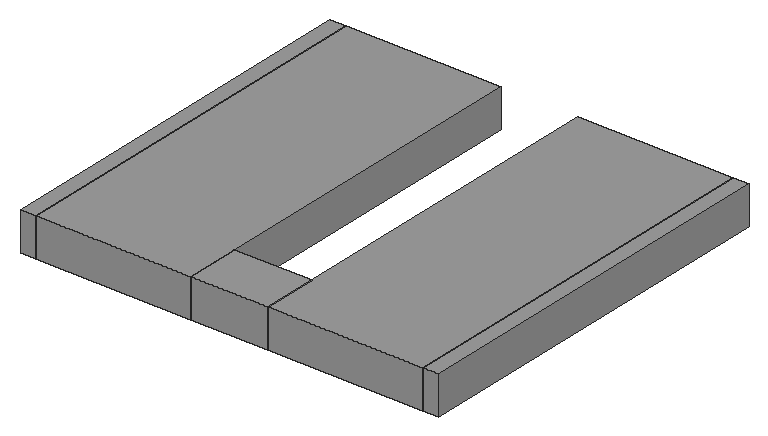
Revit family "ModuloCordololLegno", category Generic Models, Revit 2012
Parameters
  spessore intonaco = 2 cm
  spessore = 5 cm
  larghezza tavole = 20 cm
  larghezza muro = 50 cm
  larghezza montante = 7 cm
  c_legno = Legno
  c_intonaco = intonaco
Reference planes (cm)
  plane 1 "Centro (Fronte/Retro)": y = 0
  plane 2: z = 0
  plane 3 "Centro (Sinistra/Destra)": x = 0
  plane 4: x = -20
  plane 5: x = 10
  plane 6: x = 30
  plane 7: x = 32
  plane 8: x = -22
  plane 9: y = 50
  plane 10: y = 7
  plane 11: z = 5
Forms (cm)
  Extrusion 1, solid, material "intonaco" <- "c_intonaco"
    sketch origin (0, 0, 0) x (1, 0, 0) y (0, 1, 0)
      loop
        line (-22, 50) -> (-22, 0) -> (-20, 0) -> (-20, 50) -> (-22, 50)
    from 0 to 5
  Extrusion 2, solid, material "intonaco" <- "c_intonaco"
    sketch origin (52, 0, 0) x (1, 0, 0) y (0, 1, 0)
      loop
        line (-22, 50) -> (-22, 0) -> (-20, 0) -> (-20, 50) -> (-22, 50)
    from 0 to 5
  Extrusion 3, solid, material "Legno" <- "c_legno"
    sketch origin (0, 0, 0) x (1, 0, 0) y (0, 1, 0)
      loop
        line (-20, 50) -> (-20, 0) -> (0, 0) -> (0, 50) -> (-20, 50)
    from 0 to 5
  Extrusion 4, solid, material "Legno" <- "c_legno"
    sketch origin (30, 0, 0) x (1, 0, 0) y (0, 1, 0)
      loop
        line (-20, 50) -> (-20, 0) -> (0, 0) -> (0, 50) -> (-20, 50)
    from 0 to 5
  Extrusion 5, solid, material "Legno" <- "c_legno"
    sketch origin (0, 0, 0) x (1, 0, 0) y (0, 1, 0)
      loop
        line (0, 7) -> (0, 0) -> (10, 0) -> (10, 7) -> (0, 7)
    from 0 to 5
Dimensions and locks (cm)
  "larghezza tavole": plane 4 to plane 3 "Centro (Sinistra/Destra)"
  "larghezza tavole": plane 5 to plane 6
  "larghezza muro": plane 4 to plane 6
  "spessore intonaco": plane 8 to plane 4
  "spessore intonaco": plane 6 to plane 7
  "larghezza montante": plane 1 "Centro (Fronte/Retro)" to plane 10
  "spessore": plane 11 to plane 2
  aligned and locked: level to plane 2
  aligned and locked: plane 4 to Extrusion 1
  aligned and locked: Extrusion 1 to plane 8
  aligned and locked: plane 1 "Centro (Fronte/Retro)" to Extrusion 1
  aligned and locked: plane 9 to Extrusion 1
  aligned and locked: plane 9 to Extrusion 3
  aligned and locked: plane 3 "Centro (Sinistra/Destra)" to Extrusion 3
  aligned and locked: plane 1 "Centro (Fronte/Retro)" to Extrusion 3
  aligned and locked: Extrusion 3 to plane 4
  aligned and locked: plane 10 to Extrusion 5
  aligned and locked: plane 1 "Centro (Fronte/Retro)" to Extrusion 5
  aligned and locked: plane 5 to Extrusion 5
  aligned and locked: Extrusion 5 to plane 3 "Centro (Sinistra/Destra)"
  aligned and locked: plane 11 to Extrusion 4
  aligned and locked: plane 11 to Extrusion 5
  aligned and locked: plane 11 to Extrusion 3
  aligned and locked: plane 11 to Extrusion 2
  aligned and locked: plane 11 to Extrusion 1
Automatic sketch dimensions
  plane 1 "Centro (Fronte/Retro)" to Extrusion 1 sketch curve = 0 cm
  Extrusion 1 sketch curve to plane 8 = 0 cm
  Extrusion 1 sketch curve to plane 4 = 0 cm
  Extrusion 1 sketch curve to plane 9 = 0 cm
  plane 1 "Centro (Fronte/Retro)" to Extrusion 2 sketch curve = 0 cm
  Extrusion 2 sketch curve to plane 6 = 0 cm
  Extrusion 2 sketch curve to plane 7 = 0 cm
  Extrusion 2 sketch curve to plane 9 = 0 cm
  plane 1 "Centro (Fronte/Retro)" to Extrusion 3 sketch curve = 0 cm
  Extrusion 3 sketch curve to plane 4 = 0 cm
  Extrusion 3 sketch curve to plane 3 "Centro (Sinistra/Destra)" = 0 cm
  Extrusion 3 sketch curve to plane 9 = 0 cm
  plane 1 "Centro (Fronte/Retro)" to Extrusion 4 sketch curve = 0 cm
  Extrusion 4 sketch curve to plane 5 = 0 cm
  Extrusion 4 sketch curve to plane 6 = 0 cm
  Extrusion 4 sketch curve to plane 9 = 0 cm
  plane 4 to Extrusion 5 sketch curve = 20 cm
  Extrusion 5 sketch curve to plane 6 = 20 cm
  plane 1 "Centro (Fronte/Retro)" to Extrusion 5 sketch curve = 0 cm
  plane 10 to Extrusion 5 sketch curve = 0 cm
